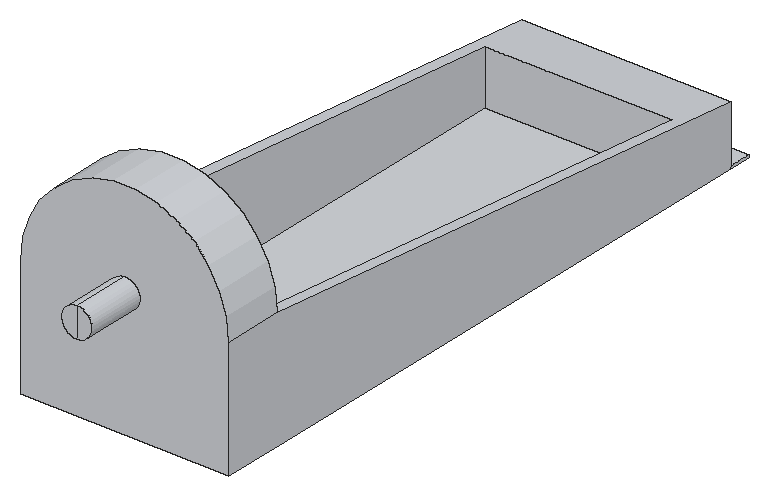
Revit family "Urinal-Willoughby-UF-1438-BS", category Plumbing Fixtures, Revit 2015
Parameters (values of type "Standard")
  Waste DIA = 2"
  Waste Connection = yes
  Vent Connection = no
  URL = "https://www.willoughby-ind.com/wp-content/uploads/2018/01/UF-1438.pdf"
  Revision = "A"
  Model = "UF-1438-BS"
  Manufacturer = "Willoughby Industries"
  HW Connection = no
  Fixture Body = Stainless Steel AISI 304-Willoughby
  F Valve Inlet DIA = 3/4"
  Description = "Stall Urinal, Back Spud"
  Default Elevation = 0' - 0"
  Contact = "(800) 428-4065"
  CW Connection = yes
Reference planes (in)
  plane 1 "Center (Front/Back) floor Level": y = 0
  plane 2: z = 0
  plane 3 "Center (Left/Right)": x = 0
  plane 4: x = -7
  plane 5: x = 7
  plane 6 "Bottom Of Unit": y = -4
  plane 7: y = 38
  plane 8: y = 39.5
  plane 9: z = -4
  plane 10 "Side Base": z = 8
  plane 11 "Front Of Unit": z = 15
  plane 12 "Flush Inlet": y = 35.5
  plane 13: z = 8.5
Forms (in)
  Extrusion 1, solid
    sketch origin (0, 0, 0) x (0, 1, 0) y (0, 0, 1)
      loop
        line (0, 0) -> (38, 0) -> (38, 4) -> (0, 8) -> (-4, 8) -> (-4, 0) -> (0, 0)
    from -7 to 7
  Extrusion 2, void
    sketch origin (0, 0, 0) x (1, 0, 0) y (0, 1, 0)
      loop
        line (-6.25, 0) -> (-6.25, -3.25) -> (6.25, -3.25) -> (6.25, 0) -> (6.25, 34) -> (-6.25, 34) -> (-6.25, 0)
    from 0.75 to 8
  Extrusion 3, solid
    sketch origin (0, 0, 0) x (1, 0, 0) y (0, 0, 1)
      loop
        arc (7, 8) -> (0, 15) -> (-7, 8) r 7
        line (-7, 8) -> (7, 8)
    from 0 to 4
  Extrusion 4, void
    sketch origin (0, 0, 0) x (1, 0, 0) y (0, 0, 1)
      loop
        arc (6.25, 8) -> (0, 14.25) -> (-6.25, 8) r 6.25
        line (-6.25, 8) -> (6.25, 8)
    from 0 to 3.25
  Extrusion 5, solid
    sketch origin (0, 0, 0) x (0, 1, 0) y (0, 0, 1)
      loop
        line (38, 0) -> (39.5, 0) -> (39.5, 0.1875) -> (38, 0.1875) -> (38, 0)
    from -7 to 7
  Revolve 6, solid, detail levels medium+fine
    sketch origin (0, 35.5, 0) x (0, 0, -1) y (-1, 0, 0)
      loop
        line (0, 0) -> (1.25, 0) -> (1.25, 0.375) -> (0, 0.375) -> (0, 0)
      axis (0, 0) -> (1.25, 0)
    angle from 0 to 360
  Revolve 7, solid
    sketch origin (0, 0, 0) x (0, 1, 0) y (0, 0, 1)
      loop
        line (-3.2462, 8.5) -> (-3.2462, 9.5) -> (-8, 9.5) -> (-8, 8.5) -> (-3.2462, 8.5)
      axis (-3.2462, 8.5) -> (-8, 8.5)
    angle from 0 to 360
Cuts and joins
  Extrusion 2, Extrusion 4 cuts Extrusion 1
  Extrusion 4 cuts Extrusion 3
  joined: Extrusion 1, Extrusion 3
Lines and regions (in)
  symbolic lines
    curve 1: line (-7, -4, 0) -> (-7, 38, 0)
    curve 2: line (-7, 38, 0) -> (7, 38, 0)
    curve 3: line (7, 38, 0) -> (7, -4, 0)
    curve 4: line (7, -4, 0) -> (-7, -4, 0)
    curve 12: line (-7, 35.5, 0) -> (7, 35.5, 0)
    curve 13: line (7, 35.5, 0) -> (7, 35.5, 8)
    curve 14: arc (7, 35.5, 8) -> (0, 35.5, 15) -> (-7, 35.5, 8) r 7
    curve 15: line (-7, 35.5, 8) -> (-7, 35.5, 0)
    curve 21: line (0, -4, 0) -> (0, 38, 0)
    curve 22: line (0, 38, 0) -> (0, 38, 4)
    curve 23: line (0, 38, 4) -> (0, 0, 8)
    curve 24: line (0, 0, 8) -> (0, 0, 15)
    curve 25: line (0, 0, 15) -> (0, -4, 15)
    curve 26: line (0, -4, 15) -> (0, -4, 0)
    curve 27: line (0, -4, 0) -> (0, 38, 0)
    curve 28: line (0, 38, 0) -> (0, 39.5, 0)
    curve 29: line (0, 39.5, 0) -> (0, 39.5, 0.1875)
    curve 30: line (0, 39.5, 0.1875) -> (0, 38, 0.1875)
  symbolic lines, detail levels medium+fine
    curve 5: line (-7, 38, 0) -> (-7, 39.5, 0)
    curve 6: line (-7, 39.5, 0) -> (7, 39.5, 0)
    curve 7: line (7, 39.5, 0) -> (7, 38, 0)
    curve 9: line (7, 0, 0) -> (-7, 0, 0)
    curve 16: line (-7, 35.5, 0.1875) -> (7, 35.5, 0.1875)
    curve 17: line (7, 35.5, 4) -> (-7, 35.5, 4)
  symbolic lines, detail levels fine
    curve 8: line (6.25, 34, 0) -> (6.25, 0, 0)
    curve 10: line (-6.25, 0, 0) -> (-6.25, 34, 0)
    curve 11: line (-6.25, 34, 0) -> (6.25, 34, 0)
    curve 18: line (6.25, 35.5, 4) -> (6.25, 35.5, 8)
    curve 19: line (-6.25, 35.5, 4) -> (-6.25, 35.5, 8)
    curve 20: arc (-6.25, 35.5, 8) -> (0, 35.5, 14.25) -> (6.25, 35.5, 8) r 6.25
Dimensions and locks (in)
  plane 11 "Front Of Unit" to plane 13 = 0' - 6 1/2"
  aligned and locked: Extrusion 1 to plane 5
  aligned and locked: plane 4 to Extrusion 1
  aligned and locked: Extrusion 1 to plane 6 "Bottom Of Unit"
  aligned and locked: plane 7 to Extrusion 1
  aligned and locked: Extrusion 3 sketch curve to cut or joined group of Extrusion 1, Extrusion 2, Extrusion 3, Extrusion 4
  aligned and locked: Extrusion 3 to plane 10 "Side Base"
  aligned and locked: Extrusion 4 sketch curve to cut or joined group of Extrusion 1, Extrusion 2, Extrusion 3, Extrusion 4
  aligned and locked: Extrusion 5 to level
  aligned and locked: plane 8 to Extrusion 5
  aligned and locked: Extrusion 1 to Extrusion 5
  aligned and locked: Extrusion 1 to level  (x2)
  aligned and locked: Extrusion 1 to Extrusion 3
  aligned and locked: Extrusion 3 to plane 1 "Center (Front/Back) floor Level"
  aligned and locked: Revolve 6 sketch curve to Revolve 6 sketch curve  (x2)
  aligned and locked: Revolve 7 sketch curve to Revolve 7 sketch curve  (x2)
  aligned and locked: curve 15 to cut or joined group of Extrusion 1, Extrusion 2, Extrusion 3, Extrusion 4
Connectors (in)
  piping at (0, 35.5, -1.25), diameter 0.75, driven by "F Valve Inlet DIA", driven by "CW Connection"
    settings: on Revolve 6, index 1, connector inside diameter 24", connector length 0' - 0", flow factor 0, pipe flow 1 GPM, pressure drop 0.00 psi, fitting loss kfactor 0, connector angle 0.00°, fixture units 0, engagement length 0' - 0", angle of deflection 0.00°, flow configuration 0, flow direction 1, fitting loss method 0, system type 20, joint type 0, gender type 0, connector reference index -1, connector utility 1, adjustable connector no, is connector primary yes, connector description "Flush Inlet"
  piping at (0, -8, 8.5), diameter 2, driven by "Waste DIA", driven by "Waste Connection"
    settings: on Revolve 7, index 2, connector inside diameter 24", connector length 0' - 0", flow factor 0, pipe flow 0 GPM, pressure drop 0.00 psi, fitting loss kfactor 0, connector angle 0.00°, fixture units 0, engagement length 0' - 0", angle of deflection 0.00°, flow configuration 0, flow direction 2, fitting loss method 0, system type 16, joint type 0, gender type 0, connector reference index -1, connector utility 1, adjustable connector no, is connector primary no, connector description "Urinal Waste"
